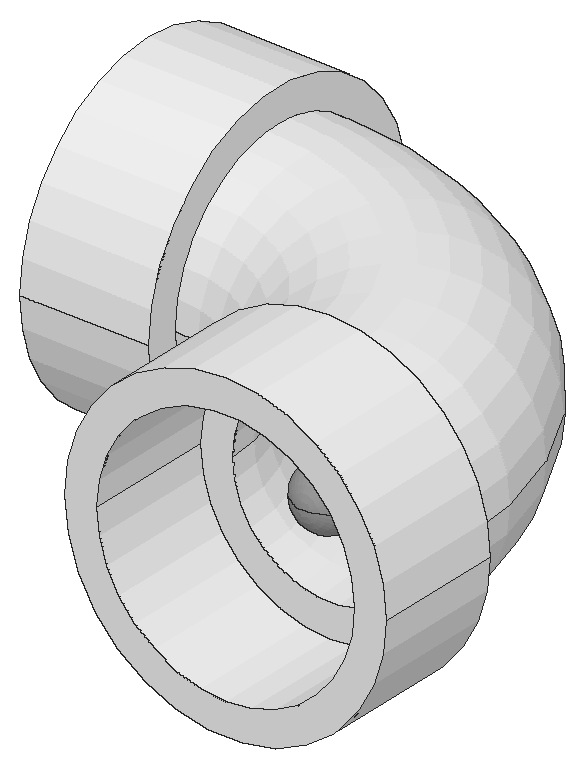
Revit family "Elbow_PVC-90", category Plumbing Fixtures, Revit 2026
Family settings
  Round Connector Dimension = Use Diameter
  Part Type = Normal
  Classification Number = 23.60.30.11.14
  Work Plane-Based = Yes
  Enable Cutting in Views = No
  Always vertical = Yes
  Cut with Voids When Loaded = No
  Maintain Annotation Orientation = No
  Shared = No
  Room Calculation Point = No
Parameters (values of type "1"")
  collarrad [instance] = PipeIrad + Collar Thickness  # 0' - 0 5/8"
  Waste Connection = yes
  Warranty Duration (Years) = 0
  Wall Thickness = 0' - 0 1/8"
  Vent Connection = yes
  Type Comments = ""
  Turn Radius [instance] = Pipe OD  # 0' - 1"
  Test Data = ""
  Specification = "http://www.arcat.com/divs/sec/sec15000.shtml"
  Sales Information = ""
  Product Properties = "http://www.arcat.com/bim/bim_info.pl?fn=Elbow-PVC-90"
  Product Data = "http://www.arcat.com/divs/sec/sec15120.shtml"
  PipeOrad [instance] = Pipe OD / 2  # 0' - 0 1/2"
  PipeIrad [instance] = PipeOrad - Wall Thickness  # 0' - 0 3/8"
  Pipe OD [instance] = 0' - 1"
  Pipe Material = ARCAT - PVC - Schedule 80
  Pipe ID [instance] = (PipeOrad - Wall Thickness) * 2  # 0' - 0 3/4"
  Model = "Generic"  # constant formula
  Manufacturer Website = "http://www.arcat.com/"
  Manufacturer Phone - Toll Free = ""
  Manufacturer Phone = "(203) 929-9444"  # constant formula
  Manufacturer Fax = "(203) 939-2444"  # constant formula
  Manufacturer Email = "bim@arcat.com"  # constant formula
  Manufacturer Address = "1077 Bridgeport Ave, Shelton, CT  06484"  # constant formula
  Manufacturer = "Generic"  # constant formula
  Maintenance Schedule (Months) = 0
  Keynote = "15000"
  Installation_Fabricaton = ""
  Installation Phase = ""
  HW Connection = no
  Green Building-LEED = "http://www.arcat.com/green/green_building.shtml"
  Expected Lifespan (Years) = 40
  Drawn By = "Robert S. Weygant. CSI, CDT, SCIP"  # constant formula
  Drain Connection Type [instance] = Plumbing-Connector : Weld-Weld - PVC-PVC 1
  Description = "90 Degree PVC Elbow"
  Default Elevation = 4' - 0"
  Copyright = "2008, ARCAT, Inc."  # constant formula
  Construction Details = "http://www.arcat.com/divs/sec/sec15120.shtml"
  Collar Thickness = Wall Thickness * 2  # 0' - 0 1/4"
  Collar Length [instance] = Pipe OD / 2  # 0' - 0 1/2"
  CW Connection = no
  Building Codes = ""
  Assembly Code = "D2090900"
Types (7): name | collarrad | Waste Connection | Turn Radius | PipeOrad | PipeIrad | Pipe OD | Pipe ID | Drain Connection Type | Collar Length
  (no name) | 0' - 0 5/8" | yes | 0' - 1" | 0' - 0 1/2" | 0' - 0 3/8" | 0' - 1" | 0' - 0 3/4" | Plumbing-Connector : Weld-Weld - PVC-PVC 1 | 0' - 0 1/2"
  1-1/4" | 0' - 0 3/4" | yes | 0' - 1 1/4" | 0' - 0 5/8" | 0' - 0 1/2" | 0' - 1 1/4" | 0' - 1" | Plumbing-Connector : Weld-Weld -PVC-PVC 125 | 0' - 0 5/8"
  1" | 0' - 0 5/8" | yes | 0' - 1" | 0' - 0 1/2" | 0' - 0 3/8" | 0' - 1" | 0' - 0 3/4" | Plumbing-Connector : Weld-Weld - PVC-PVC 1 | 0' - 0 1/2"
  1-1/2" | 0' - 0 7/8" | yes | 0' - 1 1/2" | 0' - 0 3/4" | 0' - 0 5/8" | 0' - 1 1/2" | 0' - 1 1/4" | Plumbing-Connector : Weld-Weld -PVC-PVC 150 | 0' - 0 3/4"
  2" | 0' - 1 1/8" | yes | 0' - 2" | 0' - 1" | 0' - 0 7/8" | 0' - 2" | 0' - 1 3/4" | Plumbing-Connector : Weld-Weld -PVC-PVC 2 | 0' - 1"
  3" | 0' - 1 5/8" | yes | 0' - 3" | 0' - 1 1/2" | 0' - 1 3/8" | 0' - 3" | 0' - 2 3/4" | Plumbing-Connector : Weld-Weld -PVC-PVC 3 | 0' - 1 1/2"
  4" | 0' - 2 1/8" | no | 0' - 4" | 0' - 2" | 0' - 1 7/8" | 0' - 4" | 0' - 3 3/4" | Plumbing-Connector : Weld-Weld -PVC-PVC 4 | 0' - 2"
Reference planes (in)
  plane 1: z = 0
  plane 2 "Center (Left/Right)": x = 0
  plane 3 "Connection Level": z = 0
  plane 4 "Center": y = 0
  plane 5: y = 1
  plane 6: x = -1
Forms (in)
  Sweep 1, solid, material "ARCAT - PVC - Schedule 80" <- "Pipe Material"
    path in 3D
      loop
        arc (0, 0, 0) -> (-0.29289, 0.70711, 0) -> (-1, 1, 0) r 1
    profile origin (-0.29289, 0.70711, 0) x (-0.707107, -0.707107, 0) y (0, 0, 1)
      loop
        circle (0, 0) r 0.375
      loop
        circle (0, 0) r 0.5
  Sweep 2, solid, material "ARCAT - PVC - Schedule 80" <- "Pipe Material"
    path in 3D
      loop
        line (0, 0, 0) -> (0, -0.5, 0)
    profile origin (0, -0.25, 0) x (1, 0, 0) y (0, 0, 1)
      loop
        circle (0, 0) r 0.5
      loop
        circle (0, 0) r 0.625
  Sweep 3, solid, material "ARCAT - PVC - Schedule 80" <- "Pipe Material"
    path in 3D
      loop
        line (-1, 1, 0) -> (-1.5, 1, 0)
    profile origin (-1.25, 1, 0) x (0, -1, 0) y (0, 0, 1)
      loop
        circle (0, 0) r 0.5
      loop
        circle (0, 0) r 0.625
Lines and regions (in)
  model lines, style "Drain"
    curve 1: line (0, 0, 0) -> (0, -0.5, 0)
    curve 2: line (-1, 1, 0) -> (-1.5, 1, 0)
    curve 3: arc (0, 0, 0) -> (-0.29289, 0.70711, 0) -> (-1, 1, 0) r 1
    curve 4: line (-1, 0.5, 0) -> (-1, 1.5, 0)
    curve 5: line (-0.5, 0, 0) -> (0.5, 0, 0)
  sketch lines
    curve 6: arc (0, 0, 0) -> (-0.29289, 0.70711, 0) -> (-1, 1, 0) r 1
    curve 7: line (0, 0, 0) -> (0, -0.5, 0)
    curve 8: line (-1, 1, 0) -> (-1.5, 1, 0)
  model lines, style "Vent", visible <- "Vent Connection"
    curve 9: line (-1, 1, 0) -> (-1.5, 1, 0)
    curve 10: line (-1, 0.5, 0) -> (-1, 1.5, 0)
    curve 11: arc (0, 0, 0) -> (-0.29289, 0.70711, 0) -> (-1, 1, 0) r 1
    curve 12: line (-0.5, 0, 0) -> (0.5, 0, 0)
    curve 13: line (0, 0, 0) -> (0, -0.5, 0)
Dimensions and locks (in)
  "Collar Length": curve 3 to curve 1
  "Collar Length": curve 2 to curve 2
  "Turn Radius": plane 4 "Center" to plane 5
  "Turn Radius": plane 6 to plane 2 "Center (Left/Right)"
  equal spacing: curve 4, curve 2, curve 4
  "Pipe OD": curve 4 to curve 4
  equal spacing: curve 5, curve 1, curve 5
  "Pipe OD": curve 5 to curve 5
  equal spacing: curve 10, curve 9, curve 10
  "Pipe OD": curve 10 to curve 10
  equal spacing: curve 12, curve 13, curve 12
  "Pipe OD": curve 12 to curve 12
  "Turn Radius": radius of curve 3
  "PipeIrad": radius of Sweep 1 sketch curve
  "PipeOrad": radius of Sweep 1 sketch curve
  "PipeOrad": radius of Sweep 3 sketch curve
  "collarrad": radius of Sweep 3 sketch curve
  "collarrad": radius of Sweep 2 sketch curve
  "PipeOrad": radius of Sweep 2 sketch curve
  aligned and locked: curve 1 to plane 2 "Center (Left/Right)"
  aligned and locked: plane 4 "Center" to curve 5
  aligned and locked: curve 4 to curve 3
  aligned and locked: curve 5 to curve 3
  aligned and locked: nested 1 to plane 3 "Connection Level"
  aligned and locked: plane 4 "Center" to Sweep 2
  aligned and locked: plane 2 "Center (Left/Right)" to nested 1
  aligned and locked: nested 2 to plane 5
  aligned and locked: nested 2 to plane 3 "Connection Level"
  aligned and locked: nested 2 to Sweep 3
  aligned and locked: curve 9 to curve 2
  aligned and locked: curve 10 to curve 4
  aligned and locked: curve 11 to curve 3
  aligned and locked: curve 12 to curve 5
  aligned and locked: curve 13 to curve 1
  aligned and locked: level to plane 3 "Connection Level"
Automatic sketch dimensions
  Sweep 1 sketch curve to Sweep 1 sketch curve = 0' - 0"  (x2)
  Sweep 1 sketch curve to profile plane = 0' - 0"  (x2)
  Sweep 3 sketch curve to Sweep 3 sketch curve = 0' - 0"  (x2)
  Sweep 3 sketch curve to profile plane = 0' - 0"  (x2)
  Sweep 2 sketch curve to Sweep 2 sketch curve = 0' - 0"  (x2)
  Sweep 2 sketch curve to profile plane = 0' - 0"  (x2)
  curve 9 to plane 6 = 0' - 0 1/2"
  curve 13 to curve 11 = 0' - 0 1/2"
Nested families (in)
  nested 1: "Plumbing-Connector" at (-1.5, 0.5, 1.92656), type <- "Drain Connection Type", Pipe Diameter <- "Pipe OD", Outlet Material <- "Pipe Material", Inlet Material <- "Pipe Material", type "Weld-Weld - PVC-PVC 1"
    with Pipe Diameter 0' - 1", Outlet Material ARCAT - PVC - Schedule 80, Outlet Connection "Solvent Welded", Inlet Material ARCAT - PVC - Schedule 80, Inlet Connection "Solvent Welded"
  nested 2: "Plumbing-Connector" at (-2.5, 1.5, 1.92656), type <- "Drain Connection Type", Outlet Material <- "Pipe Material", Inlet Material <- "Pipe Material", type "Weld-Weld - PVC-PVC 1"
    with Pipe Diameter 0' - 1 1/4", Outlet Material ARCAT - PVC - Schedule 80, Outlet Connection "Solvent Welded", Inlet Material ARCAT - PVC - Schedule 80, Inlet Connection "Solvent Welded"
Definition of nested family "Plumbing-Connector"
  Parameters
    Waste Connection = yes
    Warranty Duration (Years) = 0
    Vent Connection = yes
    Type Comments = "Plumbing Connection"
    Test Data = ""
    Specification = "http://www.arcat.com/divs/sec/sec15000.shtml"
    Sales Information = ""
    Product Properties = "http://www.arcat.com/bim/bim_info.pl?fn=Plumbing-Connector"
    Product Data = "http://www.arcat.com/divs/sec/sec15000.shtml"
    Pipe Diameter [instance] = 0' - 1"
    Outlet Material [instance] = none
    Outlet Connection [instance] = "Crimp"
    Model = "Generic"  # constant formula
    Mixing Valve = no
    Manufacturer Website = "http://www.arcat.com/"
    Manufacturer Phone - Toll Free = ""
    Manufacturer Phone = "(203) 929-9444"  # constant formula
    Manufacturer Fax = "(203) 939-2444"  # constant formula
    Manufacturer Email = "bim@arcat.com"  # constant formula
    Manufacturer Address = "1077 Bridgeport Ave, Shelton, CT  06484"  # constant formula
    Manufacturer = "Generic"  # constant formula
    Maintenance Schedule (Months) = 0
    Keynote = "15000"
    Installation_Fabricaton = ""
    Installation Phase = ""
    Inlet Material [instance] = none
    Inlet Connection [instance] = "Threaded"
    HW Connection = no
    Green Building-LEED = "http://www.arcat.com/green/green_building.shtml"
    Expected Lifespan (Years) = 0
    Drawn By = "Robert S. Weygant. CSI, CDT, SCIP"  # constant formula
    Description = ""
    Default Elevation = 4' - 0"
    Copyright = "2008, ARCAT, Inc."  # constant formula
    Construction Details = "http://www.arcat.com/divs/sec/sec15000.shtml"
    CW Connection = no
    Building Codes = ""
    Assembly Code = "D2090900"
  Reference planes (in)
    plane 1 "Center (TB)": z = -1.92656
    plane 2 "Center (Left/Right)": x = 1.5
    plane 3 "Center (FB)": y = -0.5
    plane 4: x = 1
    plane 5: x = 2
    plane 6: y = 0
    plane 7: y = -1
    plane 8: z = -1.42656
    plane 9: z = -2.42656
  Forms (in)
    Revolve 1, solid
      sketch origin (0, 0, -1.92656) x (1, 0, 0) y (0, 1, 0)
        loop
          line (1.5, -0.375) -> (1.5, -0.625)
          arc (1.5, -0.625) -> (1.625, -0.5) -> (1.5, -0.375) r 0.125
        axis (1.5, -0.375) -> (1.5, -0.625)
      angle from 0 to 360
  Lines and regions (in)
    model lines, not visible
      curve 1: line (0, 0.5, 0) -> (0, -0.5, 0)
      curve 2: line (-0.5, 0, 0) -> (0.5, 0, 0)
    model lines, visible <- "CW Connection"
      curve 3: line (1.5, -0.5, -2.42656) -> (1.5, -0.5, -1.42656)
      curve 8: line (1, -0.5, -1.92656) -> (2, -0.5, -1.92656)
      curve 13: line (1.5, 0, -1.92656) -> (1.5, -1, -1.92656)
    model lines, visible <- "Waste Connection"
      curve 4: line (1.5, -0.5, -2.42656) -> (1.5, -0.5, -1.42656)
      curve 9: line (1, -0.5, -1.92656) -> (2, -0.5, -1.92656)
      curve 14: line (1.5, 0, -1.92656) -> (1.5, -1, -1.92656)
    model lines, visible <- "HW Connection"
      curve 5: line (1.5, -0.5, -2.42656) -> (1.5, -0.5, -1.42656)
      curve 10: line (1, -0.5, -1.92656) -> (2, -0.5, -1.92656)
      curve 15: line (1.5, 0, -1.92656) -> (1.5, -1, -1.92656)
    model lines, visible <- "Mixing Valve"
      curve 6: line (1.5, -0.5, -2.42656) -> (1.5, -0.5, -1.42656)
      curve 11: line (1, -0.5, -1.92656) -> (2, -0.5, -1.92656)
      curve 16: line (1.5, 0, -1.92656) -> (1.5, -1, -1.92656)
    model lines, visible <- "Vent Connection"
      curve 7: line (1.5, -0.5, -2.42656) -> (1.5, -0.5, -1.42656)
      curve 12: line (1, -0.5, -1.92656) -> (2, -0.5, -1.92656)
      curve 17: line (1.5, 0, -1.92656) -> (1.5, -1, -1.92656)
  Dimensions and locks (in)
    equal spacing: plane 4, plane 2 "Center (Left/Right)", plane 5
    equal spacing: plane 6, plane 3 "Center (FB)", plane 7
    "Pipe Diameter": plane 4 to plane 5
    "Pipe Diameter": plane 6 to plane 7
    equal spacing: plane 8, plane 1 "Center (TB)", plane 9
    "Pipe Diameter": plane 8 to plane 9
    aligned and locked: plane 9 to curve 3
    aligned and locked: plane 2 "Center (Left/Right)" to curve 3
    aligned and locked: plane 8 to curve 3
    aligned and locked: plane 2 "Center (Left/Right)" to curve 4
    aligned and locked: plane 2 "Center (Left/Right)" to curve 5
    aligned and locked: plane 2 "Center (Left/Right)" to curve 6
    aligned and locked: plane 2 "Center (Left/Right)" to curve 7
    aligned and locked: plane 4 to curve 8
    aligned and locked: plane 5 to curve 8
    aligned and locked: plane 3 "Center (FB)" to curve 8
    aligned and locked: plane 3 "Center (FB)" to curve 9
    aligned and locked: plane 3 "Center (FB)" to curve 10
    aligned and locked: plane 3 "Center (FB)" to curve 11
    aligned and locked: plane 3 "Center (FB)" to curve 12
    aligned and locked: plane 6 to curve 13
    aligned and locked: curve 13 to plane 2 "Center (Left/Right)"
    aligned and locked: plane 7 to curve 13
    aligned and locked: curve 14 to plane 2 "Center (Left/Right)"
    aligned and locked: curve 15 to plane 2 "Center (Left/Right)"
    aligned and locked: curve 16 to plane 2 "Center (Left/Right)"
    aligned and locked: curve 17 to plane 2 "Center (Left/Right)"
    aligned and locked: level to plane 1 "Center (TB)"
  Automatic sketch dimensions
    Revolve 1 sketch curve to plane 2 "Center (Left/Right)" = 0' - 0"  (x2)
    Revolve 1 sketch curve to plane 3 "Center (FB)" = 0' - 0"
    Revolve 1 sketch curve to Revolve 1 sketch curve = 0' - 0 1/8"
    Revolve 1 sketch curve to plane 7 = 4' - 9 1/2"
    plane 6 to Revolve 1 sketch curve = 4' - 8.8714"
    curve 6 to plane 8 = 0' - 0"
    curve 4 to plane 8 = 0' - 0"
    curve 5 to plane 8 = 0' - 0"
    curve 7 to plane 8 = 0' - 0"
    curve 4 to plane 9 = 0' - 0"
    curve 7 to plane 9 = 0' - 0"
    curve 6 to plane 9 = 0' - 0"
    curve 5 to plane 9 = 0' - 0"
    curve 17 to plane 6 = 0' - 0"
    curve 17 to plane 7 = 0' - 0"
    curve 16 to plane 7 = 0' - 0"
    curve 16 to plane 6 = 0' - 0"
    curve 15 to plane 6 = 0' - 0"
    curve 15 to plane 7 = 0' - 0"
    curve 14 to plane 6 = 0' - 0"
    curve 14 to plane 7 = 0' - 0"
    curve 10 to plane 4 = 0' - 0"
    curve 9 to plane 4 = 0' - 0"
    curve 11 to plane 4 = 0' - 0"
    curve 12 to plane 4 = 0' - 0"
    curve 10 to plane 5 = 0' - 0"
    curve 9 to plane 5 = 0' - 0"
    curve 11 to plane 5 = 0' - 0"
    curve 12 to plane 5 = 0' - 0"
